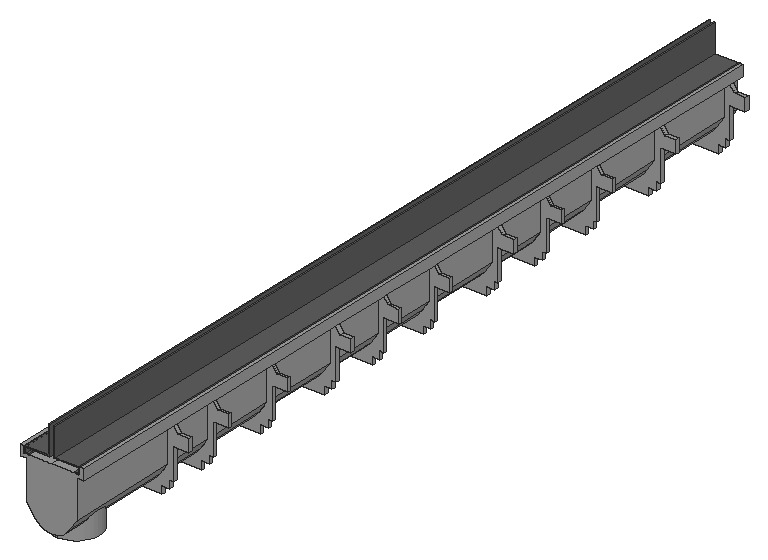
Revit family "Drain_Trench_Zurn-Z886-PVS", category Plumbing Fixtures, Revit 2022
Family settings
  Round Connector Dimension = Use Radius
  Part Type = Normal
  OmniClass Number = 23.70.50.21.24.14
  OmniClass Title = Deck Waste Water Drains
  Work Plane-Based = No
  Always vertical = Yes
  Cut with Voids When Loaded = No
  Maintain Annotation Orientation = No
  Shared = No
  Room Calculation Point = No
Parameters (values of type "Load Family Type Catalog")
  Waste Connection = 1 = 1  # yes
  WFU = 1  # constant formula
  Vent Connection = 1 = 0  # no
  URL = "http://www.zurn.com/"
  Type Comments = "Z886-PVS-8601 W/-E2 x 6.25x 6.85 With 2 Inch No-Hub End outlet"
  Shallow = 6.250"
  Product data url = "https://www.bimobject.com/zurnindustries/product/zurn-z886-pvs"
  Product Page URL = "https://www.zurn.com/products/drainage-interceptors/trench-drain-systems/linear-trench-drain/general-purpose-drainage-exterior/z886-pvs"
  Product Documentation Link = "https://files.zurn.com/spec-sheets/z886-pvs.pdf"
  Outlet Visiblity = no
  Outter Diameter = 4.500"
  Outlet Depth = 2.000"
  Modified Date = "03/26/26"  # constant formula
  Model = "Z886-PVS"
  Manufacturer = "Zurn Industries, LLC"  # constant formula
  Main Material = Polymer - Zurn - HDPE - Grey
  Inner Diameter = 4.026"
  HWFU = 0  # constant formula
  HW Connection = 1 = 0  # no
  Grate Material = Iron - Zurn - Cast - Ductile - Painted Black
  Flow = 93 GPM
  End Outlet = no
  End to Center of Bottom Outlet = Connector Radius + 1.000"  # 3.000"
  Description = "3/8 [10] WIDE REVEAL TRENCH DRAIN SYSTEM W/ PAVER SLOT GRATE"  # constant formula
  Default Elevation = 20.000"  # constant formula
  Deep = 6.850"
  Pipe Connection Shallow End = Connector Radius + 1.000"  # 3.000"
  Pipe Connection Deep End = Pipe Connection Shallow End  # 3.000"
  Date Created = "10/30/23"  # constant formula
  Connector Radius = Nominal  Diameter / 2  # 2.000"
  CWFU = 0  # constant formula
  CW Connection = 1 = 0  # no
  Outlet Bottom OD = 2.375"
  Nominal  Diameter = 4.000"
  Bottom Outlet = yes
  Assembly Code = "D2030300"
Reference planes (in)
  plane 1 "Center (Front/Back)": y = 18.92982
  plane 2 "main": z = -2.65
  plane 3 "Center (Left/Right)": x = 0
  plane 4 "Outlet": y = -21.69518
  plane 5 "Back": y = 59.55482
  plane 6 "Grate Left": x = -3.375
  plane 7 "Grate Right": x = 3.375
  plane 8 "Upper Bottom": z = -8.9
  plane 9 "Lower Bottom": z = -9.5
  plane 10 "Left": x = -4.875
  plane 11 "First Rib": y = 58.30482
  plane 12 "Right": x = 4.875
  plane 13 "Bottom": z = -10.15
  plane 14 "Last Rib": y = -10.63268
  plane 15 "Inlet": y = 59.55482
  plane 16: z = -5.9
  plane 17: y = 59.49232
  plane 18 "001": z = -6.5
  plane 19: y = -21.63268
  plane 20: y = -18.69518
  plane 21 "002": z = -8.5
  plane 22 "Slot Top": z = 0.1
  plane 23 "side 1": x = 0.3125
  plane 24 "side 2": x = 0.2185
  plane 25 "side 3": x = -0.2185
  plane 26 "side 4": x = -0.3125
  plane 27: x = 3.4375
  plane 28: x = 3.125
  plane 29: x = -3.125
  plane 30: y = -19.88268
  plane 31: y = -17.50768
  plane 32: x = -1.1875
  plane 33: x = 1.1875
  plane 34: x = 2.688
  plane 35: x = -2.688
  plane 36 "003": y = -23.19518
  plane 37: x = -2
  plane 38: x = 2
  plane 39: y = -20.22737
  plane 40: y = -18.22737
  plane 41: z = -9.7
  plane 42: z = -7.7
  plane 43: y = -23.19518
  plane 44: z = -4.5
  plane 45: z = -8.5
  plane 46: y = -16.69518
  plane 47: y = -20.69518
Forms (in)
  Blend 1, solid, material "Polymer - Zurn - HDPE - Grey" <- "Main Material", detail levels fine
    base sketch origin (0, 0, 0) x (1, 0, 0) y (0, 0, 1)
      loop
        line (-3.125, -2.65) -> (-3.125, -3.675) -> (-2.5, -3.675) -> (-2.5, -6.839) -> (-1.70063, -8.0043)
        arc (-1.70063, -8.0043) -> (-0.96104, -8.66239) -> (0, -8.9) r 2.0623
        arc (0, -8.9) -> (0.96104, -8.66239) -> (1.70063, -8.0043) r 2.0623
        line (1.70063, -8.0043) -> (2.5, -6.839) -> (2.5, -3.675) -> (3.125, -3.675) -> (3.125, -2.65) -> (2.75, -2.65) -> (2.75, -3.3013) -> (0, -3.3013) -> (-2.75, -3.3013) -> (-2.75, -2.65) -> (-3.125, -2.65)
    top sketch origin (0, 0, 0) x (1, 0, 0) y (0, 0, 1)
      loop
        line (0, -3.3013) -> (-2.75, -3.3013) -> (-2.75, -2.65) -> (-3.125, -2.65) -> (-3.125, -3.675) -> (-2.5, -3.675) -> (-2.5, -7.43866) -> (-1.68454, -8.62741)
        arc (-1.68454, -8.62741) -> (-0.94856, -9.26891) -> (0, -9.5) r 2.0623
        arc (0, -9.5) -> (0.94856, -9.26891) -> (1.68454, -8.62741) r 2.0623
        line (1.68454, -8.62741) -> (2.5, -7.43866) -> (2.5, -3.675) -> (3.125, -3.675) -> (3.125, -2.65) -> (2.75, -2.65) -> (2.75, -3.3013) -> (0, -3.3013)
    from -59.55482 to 21.69518
  Extrusion 2, void
    sketch origin (0, 0, 0) x (1, 0, 0) y (0, 0, 1)
      loop
        line (0, -10.15) -> (-2, -10.15) -> (-2, -9.4) -> (-2.75, -9.4) -> (-2.75, -8.65) -> (-3.125, -8.65) -> (-3.125, -5.55) -> (-4.625, -5.55) -> (-4.625, -4.3) -> (-3.56793, -4.3) -> (-3.125, -3.66743) -> (-3.125, -3.175) -> (-6.375, -3.175) -> (-6.375, -14.59275) -> (0, -14.59275) -> (8.125, -14.59275) -> (8.125, -3.175) -> (3.125, -3.175) -> (3.125, -3.679) -> (3.55983, -4.3) -> (4.625, -4.3) -> (4.625, -5.55) -> (3.125, -5.55) -> (3.125, -8.65) -> (2.75, -8.65) -> (2.75, -9.4) -> (2, -9.4) -> (2, -10.15) -> (0, -10.15)
    from -59.55482 to 21.69518
  Extrusion 3, solid, material "Polymer - Zurn - HDPE - Grey" <- "Main Material", detail levels fine
    sketch origin (0, 0, -2.65) x (1, 0, 0) y (0, 1, 0)
      loop
        line (-4.875, -10.63268) -> (4.875, -10.63268) -> (4.875, -10.25768) -> (-4.875, -10.25768) -> (-4.875, -10.63268)
      loop
        line (-4.875, -5.44518) -> (-4.875, -5.69518) -> (4.875, -5.69518) -> (4.875, -5.44518) -> (-4.875, -5.44518)
      loop
        line (-4.875, 1.80482) -> (-4.875, 1.55482) -> (4.875, 1.55482) -> (4.875, 1.80482) -> (-4.875, 1.80482)
      loop
        line (-4.875, 9.74232) -> (-4.875, 9.36732) -> (4.875, 9.36732) -> (4.875, 9.74232) -> (-4.875, 9.74232)
      loop
        line (-4.875, 15.55482) -> (-4.875, 15.30482) -> (4.875, 15.30482) -> (4.875, 15.55482) -> (-4.875, 15.55482)
      loop
        line (-4.875, 21.80482) -> (-4.875, 21.55482) -> (4.875, 21.55482) -> (4.875, 21.80482) -> (-4.875, 21.80482)
      loop
        line (-4.875, 29.74232) -> (-4.875, 29.36732) -> (4.875, 29.36732) -> (4.875, 29.74232) -> (-4.875, 29.74232)
      loop
        line (-4.875, 35.55482) -> (-4.875, 35.30482) -> (4.875, 35.30482) -> (4.875, 35.55482) -> (-4.875, 35.55482)
      loop
        line (-4.875, 41.80482) -> (-4.875, 41.55482) -> (4.875, 41.55482) -> (4.875, 41.80482) -> (-4.875, 41.80482)
      loop
        line (-4.875, 49.74232) -> (-4.875, 49.36732) -> (4.875, 49.36732) -> (4.875, 49.74232) -> (-4.875, 49.74232)
      loop
        line (-4.875, 58.30482) -> (-4.875, 57.92932) -> (4.875, 57.92932) -> (4.875, 58.30482) -> (-4.875, 58.30482)
    from -1.025 to -11.94275
  Extrusion 4, solid, material "Polymer - Zurn - HDPE - Grey" <- "Main Material", visible <- "Outlet Visiblity", detail levels fine
    sketch origin (0, 0, 0.1) x (1, 0, 0) y (0, 1, 0)
      loop
        circle (0, -18.69518) r 1.1875
    from -6.6 to -8.6
  Extrusion 5, solid, material "Iron - Zurn - Cast - Ductile - Painted Black" <- "Grate Material", detail levels fine
    sketch origin (0, -21.69518, 0) x (0, 0, 1) y (1, 0, 0)
      loop
        line (-2.728, 0.2185) -> (0.1, 0.2185) -> (0.1, 0.3125) -> (-2.65, 0.3125) -> (-2.65, 2.688) -> (-3.3013, 2.688) -> (-3.3013, 2.24607) -> (-3.2073, 2.24607) -> (-3.2073, 2.594) -> (-2.728, 2.594) -> (-2.728, 0.2185)
      loop
        line (-2.728, -0.2185) -> (-2.728, -2.59425) -> (-3.2073, -2.59425) -> (-3.2073, -2.24607) -> (-3.3013, -2.24607) -> (-3.3013, -2.688) -> (-2.65, -2.688) -> (-2.65, -0.3125) -> (0.1, -0.3125) -> (0.1, -0.2185) -> (-2.728, -0.2185)
    from 0 to 81.25
  Extrusion 6, solid, material "Polymer - Zurn - HDPE - Grey" <- "Main Material", visible <- "End Outlet", detail levels fine
    sketch origin (0, -21.69518, 0) x (0, 0, 1) y (1, 0, 0)
      loop
        circle (-6.5, 0) r 2.25
      loop
        circle (-6.5, 0) r 2.013
    from 0 to -1.5
  Extrusion 7, solid, material "Polymer - Zurn - HDPE - Grey" <- "Main Material", visible <- "Bottom Outlet", detail levels fine
    sketch origin (0, 0, -8.5) x (0, -1, 0) y (1, 0, 0)
      loop
        circle (18.69518, 0) r 2.25
      loop
        circle (18.69518, 0) r 2.013
    from 0.8 to -1.65
Cuts and joins
  Extrusion 2 cuts Extrusion 3
  joined: Blend 1, Extrusion 3
Lines and regions (in)
  Masking region 1
    outline origin (0, 0, 0.1) x (0, -1, 0) y (1, 0, 0)
      loop
        line (-59.55482, -3.125) -> (-58.30482, -3.125) -> (-58.30482, -3.56793) -> (-58.30482, -4.625) -> (-57.92932, -4.625) -> (-57.92932, -3.56793) -> (-57.92932, -3.1303) -> (-49.74232, -3.1303) -> (-49.74232, -3.56793) -> (-49.74232, -4.625) -> (-49.36732, -4.625) -> (-49.36732, -3.56793) -> (-49.36732, -3.1303) -> (-41.80482, -3.1303) -> (-41.80482, -3.56793) -> (-41.80482, -4.625) -> (-41.55482, -4.625) -> (-41.55482, -3.56793) -> (-41.55482, -3.1303) -> (-35.55482, -3.1303) -> (-35.55482, -3.56793) -> (-35.55482, -4.625) -> (-35.30482, -4.625) -> (-35.30482, -3.56793) -> (-35.30482, -3.1303) -> (-29.74232, -3.1303) -> (-29.74232, -3.56793) -> (-29.74232, -4.625) -> (-29.36732, -4.625) -> (-29.36732, -3.56793) -> (-29.36732, -3.1303) -> (-21.80482, -3.1303) -> (-21.80482, -3.56793) -> (-21.80482, -4.625) -> (-21.55482, -4.625) -> (-21.55482, -3.56793) -> (-21.55482, -3.1303) -> (-15.55482, -3.1303) -> (-15.55482, -3.56793) -> (-15.55482, -4.625) -> (-15.30482, -4.625) -> (-15.30482, -3.56793) -> (-15.30482, -3.1303) -> (-9.74232, -3.1303) -> (-9.74232, -3.56793) -> (-9.74232, -4.625) -> (-9.36732, -4.625) -> (-9.36732, -3.56793) -> (-9.36732, -3.1303) -> (-1.80482, -3.1303) -> (-1.80482, -3.56793) -> (-1.80482, -4.625) -> (-1.55482, -4.625) -> (-1.55482, -3.56793) -> (-1.55482, -3.1303) -> (5.44518, -3.1303) -> (5.44518, -3.56793) -> (5.44518, -4.625) -> (5.69518, -4.625) -> (5.69518, -3.56793) -> (5.69518, -3.1303) -> (10.25768, -3.1303) -> (10.25768, -3.56793) -> (10.25768, -4.625) -> (10.63268, -4.625) -> (10.63268, -3.56793) -> (10.63268, -3.125) -> (21.69518, -3.125) -> (21.69518, 3.12312) -> (10.63268, 3.12312) -> (10.63268, 3.55983) -> (10.63268, 4.625) -> (10.25768, 4.625) -> (10.25768, 3.55983) -> (10.25768, 3.12312) -> (5.69518, 3.12312) -> (5.69518, 3.55983) -> (5.69518, 4.625) -> (5.44518, 4.625) -> (5.44518, 3.55983) -> (5.44518, 3.12312) -> (-1.55482, 3.12312) -> (-1.55482, 3.55983) -> (-1.55482, 4.625) -> (-1.80482, 4.625) -> (-1.80482, 3.55983) -> (-1.80482, 3.12312) -> (-9.36732, 3.12312) -> (-9.36732, 3.55983) -> (-9.36732, 4.625) -> (-9.74232, 4.625) -> (-9.74232, 3.55983) -> (-9.74232, 3.12312) -> (-15.30482, 3.12312) -> (-15.30482, 3.55983) -> (-15.30482, 4.625) -> (-15.55482, 4.625) -> (-15.55482, 3.55983) -> (-15.55482, 3.12312) -> (-21.55482, 3.12312) -> (-21.55482, 3.55983) -> (-21.55482, 4.625) -> (-21.80482, 4.625) -> (-21.80482, 3.55983) -> (-21.80482, 3.12312) -> (-29.36732, 3.12312) -> (-29.36732, 3.55983) -> (-29.36732, 4.625) -> (-29.74232, 4.625) -> (-29.74232, 3.55983) -> (-29.74232, 3.12312) -> (-35.30482, 3.12312) -> (-35.30482, 3.55983) -> (-35.30482, 4.625) -> (-35.55482, 4.625) -> (-35.55482, 3.55983) -> (-35.55482, 3.12312) -> (-41.55482, 3.12312) -> (-41.55482, 3.55983) -> (-41.55482, 4.625) -> (-41.80482, 4.625) -> (-41.80482, 3.55983) -> (-41.80482, 3.12312) -> (-49.36732, 3.12312) -> (-49.36732, 3.55983) -> (-49.36732, 4.625) -> (-49.74232, 4.625) -> (-49.74232, 3.55983) -> (-49.74232, 3.12312) -> (-57.92932, 3.12312) -> (-57.92932, 3.55983) -> (-57.92932, 4.625) -> (-58.30482, 4.625) -> (-58.30482, 3.55983) -> (-58.30482, 3.125) -> (-59.55482, 3.125) -> (-59.55482, -3.125)
  Masking region 2, visible <- "End Outlet"
    outline origin (0, 0, 0.1) x (0, -1, 0) y (1, 0, 0)
      loop
        line (21.69518, -2.25) -> (23.19518, -2.25) -> (23.19518, 2.25) -> (21.69518, 2.25) -> (21.69518, -2.25)
  symbolic lines
    curve 1: line (-3.125, 59.55482, 0.1) -> (3.125, 59.55482, 0.1)
    curve 2: line (3.125, -21.69518, 0.1) -> (-3.125, -21.69518, 0.1)
  symbolic lines, detail levels fine
    curve 3: line (-2.65, -21.69518, 0.1) -> (-2.65, 59.55482, 0.1)
    curve 4: line (2.65, 59.55482, 0.1) -> (2.65, -21.69518, 0.1)
  symbolic lines, visible <- "Outlet Visiblity"
    curve 5: line (-0.3125, -19.88268, -10.15) -> (-0.3125, -19.88268, -8.5)
    curve 6: line (-0.3125, -19.88268, -8.5) -> (-0.3125, -17.50768, -8.5)
    curve 7: line (-0.3125, -17.50768, -8.5) -> (-0.3125, -17.50768, -10.15)
  model lines, detail levels coarse+medium
    curve 8: line (-2.688, 59.55482, -2.65) -> (2.688, 59.55482, -2.65)
    curve 9: line (-2.688, -21.69518, -2.65) -> (-2.688, 59.55482, -2.65)
    curve 10: line (2.688, -21.69518, -2.65) -> (-2.688, -21.69518, -2.65)
    curve 11: line (2.688, 59.55482, -2.65) -> (2.688, -21.69518, -2.65)
    curve 12: line (0, 59.55482, -8.5) -> (0, 59.55482, -2.65)
    curve 13: line (0, -21.69518, -8.5) -> (0, 59.55482, -8.5)
    curve 14: line (0, -21.69518, -2.65) -> (0, -21.69518, -8.5)
    curve 15: line (0, -21.69518, -2.65) -> (0, -21.69518, 0.1)
    curve 16: line (0, 59.55482, 0.1) -> (0, 59.55482, -2.65)
    curve 17: line (-0.3125, 59.55482, 0.1) -> (0.3125, 59.55482, 0.1)
    curve 18: line (-0.3125, -21.69518, 0.1) -> (-0.3125, 59.55482, 0.1)
    curve 19: line (0.3125, -21.69518, 0.1) -> (-0.3125, -21.69518, 0.1)
    curve 20: line (0.3125, 59.55482, 0.1) -> (0.3125, -21.69518, 0.1)
  model lines, visible <- "End Outlet", detail levels coarse+medium
    curve 21: line (0, -21.69518, -6.5) -> (0, -23.19518, -6.5)
  model lines, visible <- "Bottom Outlet", detail levels coarse+medium
    curve 22: line (0, -18.69518, -8.5) -> (0, -18.69518, -10.15)
    curve 23: line (0, -16.69518, -10.15) -> (0, -20.69518, -10.15)
    curve 24: line (-2, -18.69518, -10.15) -> (2, -18.69518, -10.15)
  model lines, visible <- "End Outlet"
    curve 25: line (0, -23.19518, -4.5) -> (0, -23.19518, -8.5)
    curve 26: line (-2, -23.19518, -6.5) -> (2, -23.19518, -6.5)
Dimensions and locks (in)
  equal spacing: plane 4 "Outlet", plane 1 "Center (Front/Back)", plane 5 "Back", locked at 40.625 each
  locked: plane 4 "Outlet" to plane 1 "Center (Front/Back)" at 40.625
  locked: plane 3 "Center (Left/Right)" to plane 6 "Grate Left" at 3.375
  equal spacing: plane 7 "Grate Right", plane 3 "Center (Left/Right)", plane 6 "Grate Left"
  locked: plane 3 "Center (Left/Right)" to Blend 1 sketch curve at 2.5  (x2)
  locked: Blend 1 sketch curve to plane 8 "Upper Bottom" at 2.061  (x2)
  locked: Blend 1 sketch curve to plane 8 "Upper Bottom" at 2.0623  (x2)
  locked: Blend 1 sketch curve to plane 8 "Upper Bottom" at 0.8957  (x2)
  locked: Blend 1 sketch curve to Blend 1 sketch curve at 0.3737
  locked: Blend 1 sketch curve to plane 3 "Center (Left/Right)"  (x2)
  locked: Blend 1 sketch curve to plane 9 "Lower Bottom" at 2.0623  (x2)
  locked: Blend 1 sketch curve to plane 9 "Lower Bottom" at 2.06134  (x2)
  locked: Blend 1 sketch curve to plane 9 "Lower Bottom" at 0.87259  (x2)
  plane 10 "Left" to plane 6 "Grate Left" = 1.500"
  locked: Extrusion 2 sketch curve to Extrusion 2 sketch curve at 0.75  (x4)
  locked: plane 5 "Back" to Extrusion 2
  locked: Extrusion 2 sketch curve to Extrusion 2 sketch curve at 1.25  (x2)
  locked: plane 9 "Lower Bottom" to Extrusion 2 sketch curve at 5.09275
  locked: plane 11 "First Rib" to plane 5 "Back" at 1.25
  Blend 1 sketch curve to plane 3 "Center (Left/Right)" to Blend 1 sketch curve = 2.500" locked, 2.500" locked
  locked: Blend 1 sketch curve to Blend 1 sketch curve at 5.5  (x2)
  equal spacing: Blend 1 sketch curve, plane 3 "Center (Left/Right)", Blend 1 sketch curve  (x2)
  locked: Blend 1 sketch curve to plane 6 "Grate Left" at 0.25  (x2)
  locked: plane 7 "Grate Right" to Blend 1 sketch curve at 0.25  (x2)
  Extrusion 2 sketch curve to Extrusion 2 sketch curve to Extrusion 2 sketch curve to Extrusion 2 sketch curve to Extrusion 2 sketch curve = 1.05707" locked, 0.44293" locked, 0.375" locked, 0.750" locked
  Extrusion 2 sketch curve to Extrusion 2 sketch curve to Extrusion 2 sketch curve to Extrusion 2 sketch curve to Extrusion 2 sketch curve = 0.750" locked, 0.375" locked, 0.43483" locked, 1.06517" locked
  locked: Extrusion 2 sketch curve to plane 6 "Grate Left" at 0.25
  locked: plane 7 "Grate Right" to Extrusion 2 sketch curve at 0.25
  Extrusion 2 sketch curve to plane 3 "Center (Left/Right)" to Extrusion 2 sketch curve = 6.375" locked, 8.125" locked
  equal spacing: Extrusion 3 sketch curve, plane 3 "Center (Left/Right)", Extrusion 3 sketch curve
  locked: Extrusion 3 sketch curve to plane 4 "Outlet" at 11.0625
  locked: Extrusion 3 sketch curve to plane 4 "Outlet" at 11.4375
  locked: Extrusion 3 sketch curve to plane 4 "Outlet" at 16
  locked: Extrusion 3 sketch curve to plane 4 "Outlet" at 16.25
  locked: Extrusion 3 sketch curve to plane 4 "Outlet" at 23.25
  locked: Extrusion 3 sketch curve to plane 4 "Outlet" at 23.5
  locked: Extrusion 3 sketch curve to plane 4 "Outlet" at 31.0625
  locked: Extrusion 3 sketch curve to plane 4 "Outlet" at 31.4375
  locked: Extrusion 3 sketch curve to plane 4 "Outlet" at 37
  locked: Extrusion 3 sketch curve to plane 4 "Outlet" at 37.25
  locked: Extrusion 3 sketch curve to plane 4 "Outlet" at 43.25
  locked: Extrusion 3 sketch curve to plane 4 "Outlet" at 43.5
  locked: Extrusion 3 sketch curve to plane 4 "Outlet" at 51.0625
  locked: Extrusion 3 sketch curve to plane 4 "Outlet" at 51.4375
  locked: Extrusion 3 sketch curve to plane 4 "Outlet" at 57
  locked: Extrusion 3 sketch curve to plane 4 "Outlet" at 57.25
  locked: Extrusion 3 sketch curve to plane 4 "Outlet" at 63.25
  locked: Extrusion 3 sketch curve to plane 4 "Outlet" at 63.5
  locked: Extrusion 3 sketch curve to plane 4 "Outlet" at 71.0625
  locked: Extrusion 3 sketch curve to plane 4 "Outlet" at 71.4375
  locked: Extrusion 3 sketch curve to plane 4 "Outlet" at 79.6245
  locked: Extrusion 3 sketch curve to plane 4 "Outlet" at 80
  locked: plane 8 "Upper Bottom" to cut or joined group of Blend 1, Extrusion 2, Extrusion 3 at 1.25
  locked: plane 8 "Upper Bottom" to Extrusion 2 sketch curve at 1.25
  locked: plane 12 "Right" to plane 3 "Center (Left/Right)" at 4.875
  locked: plane 8 "Upper Bottom" to plane 13 "Bottom" at 1.25
  locked: plane 1 "Center (Front/Back)" to plane 15 "Inlet" at 40.625
  "Pipe Connection Shallow End": plane 16 to plane 8 "Upper Bottom"
  locked: plane 15 "Inlet" to plane 17 at 0.0625
  locked: plane 19 to plane 4 "Outlet" at 0.0625
  "Pipe Connection Deep End": plane 18 "001" to plane 9 "Lower Bottom"
  "End to Center of Bottom Outlet": plane 20 to plane 4 "Outlet"
  "Outlet Depth": plane 18 "001" to plane 21 "002"
  locked: plane 25 "side 3" to plane 26 "side 4" at 0.094
  locked: plane 23 "side 1" to plane 24 "side 2" at 0.094
  plane 29 to plane 3 "Center (Left/Right)" to plane 28 = 3.125" locked, 3.125" locked
  equal spacing: plane 30, plane 20, plane 31
  "Outlet Bottom OD": plane 30 to plane 31
  equal spacing: plane 33, plane 3 "Center (Left/Right)", plane 32
  "Outlet Bottom OD": plane 33 to plane 32
  equal spacing: plane 34, plane 3 "Center (Left/Right)", plane 35
  locked: plane 34 to plane 35 at 5.376
  equal spacing: plane 24 "side 2", plane 3 "Center (Left/Right)", plane 25 "side 3", locked at 0.2185 each
  level to plane 2 "main" = 2.750"
  locked: plane 22 "Slot Top" to plane 2 "main" at 2.75
  "Deep": plane 2 "main" to plane 9 "Lower Bottom"
  "Shallow": plane 2 "main" to plane 8 "Upper Bottom"
  locked: plane 2 "main" to Blend 1 sketch curve at 1.025
  locked: plane 2 "main" to Blend 1 sketch curve at 0.6513
  locked: plane 2 "main" to Extrusion 2 sketch curve at 0.525
  locked: plane 2 "main" to cut or joined group of Blend 1, Extrusion 2, Extrusion 3 at 1.65
  locked: Extrusion 5 sketch curve to Extrusion 5 sketch curve at 0.09375
  locked: Extrusion 5 sketch curve to Extrusion 5 sketch curve at 0.078
  locked: Extrusion 5 sketch curve to Extrusion 5 sketch curve at 0.094  (x3)
  Extrusion 5 sketch curve to plane 3 "Center (Left/Right)" to Extrusion 5 sketch curve = 0.2185", 0.2185"
  Extrusion 5 sketch curve to Extrusion 5 sketch curve = 0.094"  (x2)
  equal spacing: Extrusion 5 sketch curve, plane 3 "Center (Left/Right)", Extrusion 5 sketch curve, locked at 2.24607 each
  locked: plane 4 "Outlet" to plane 36 "003" at 1.5
  equal spacing: Masking region 2 sketch curve, plane 3 "Center (Left/Right)", Masking region 2 sketch curve
  "Outter Diameter": Masking region 2 sketch curve to Masking region 2 sketch curve
  locked: Extrusion 6 to plane 4 "Outlet" at 1.5
  locked: plane 4 "Outlet" to plane 43 at 1.5
  equal spacing: plane 44, plane 18 "001", plane 45
  "Nominal  Diameter": plane 44 to plane 45
  equal spacing: plane 46, plane 20, plane 47
  "Nominal  Diameter": plane 46 to plane 47
  equal spacing: plane 37, plane 3 "Center (Left/Right)", plane 38
  "Nominal  Diameter": plane 37 to plane 38
  radius of Blend 1 sketch curve = 2.0623"  (x2)
  "Outlet Bottom OD": diameter of Extrusion 4 sketch curve
  "Outter Diameter": diameter of Extrusion 6 sketch curve
  "Inner Diameter": diameter of Extrusion 6 sketch curve
  "Outter Diameter": diameter of Extrusion 7 sketch curve
  "Inner Diameter": diameter of Extrusion 7 sketch curve
  locked: Extrusion 2 sketch curve to Extrusion 2 sketch curve (angle 145.00°)  (x2)
  aligned and locked: plane 3 "Center (Left/Right)" to Blend 1 sketch curve
  aligned and locked: plane 5 "Back" to Blend 1
  aligned and locked: Blend 1 to plane 4 "Outlet"
  aligned and locked: Extrusion 2 to plane 4 "Outlet"
  aligned and locked: Extrusion 3 sketch curve to plane 10 "Left"  (x10)
  aligned and locked: Extrusion 3 sketch curve to Extrusion 3 sketch curve  (x10)
  aligned and locked: plane 10 "Left" to Extrusion 3 sketch curve
  aligned and locked: Extrusion 3 to Extrusion 2
  aligned and locked: Extrusion 3 to Blend 1
  aligned and locked: Extrusion 2 sketch curve to Extrusion 2 sketch curve  (x2)
  aligned and locked: plane 14 "Last Rib" to cut or joined group of Blend 1, Extrusion 2, Extrusion 3
  aligned and locked: plane 20 to Extrusion 4 sketch curve
  aligned and locked: plane 3 "Center (Left/Right)" to Extrusion 4 sketch curve
  aligned and locked: plane 18 "001" to Extrusion 4
  aligned and locked: plane 21 "002" to Extrusion 4
  aligned and locked: plane 30 to curve 5
  aligned and locked: curve 7 to plane 31
  aligned and locked: plane 21 "002" to curve 6
  aligned and locked: plane 2 "main" to Blend 1 sketch curve  (x2)
  aligned and locked: Blend 1 sketch curve to plane 2 "main"  (x2)
  aligned and locked: Extrusion 5 sketch curve to plane 35
  aligned and locked: Extrusion 5 sketch curve to plane 34
  aligned and locked: Extrusion 5 sketch curve to Extrusion 5 sketch curve  (x2)
  aligned and locked: plane 2 "main" to Extrusion 5 sketch curve
  aligned and locked: Extrusion 5 sketch curve to cut or joined group of Blend 1, Extrusion 2, Extrusion 3
  aligned and locked: cut or joined group of Blend 1, Extrusion 2, Extrusion 3 to Extrusion 5 sketch curve
  aligned and locked: Extrusion 5 to plane 4 "Outlet"
  aligned and locked: plane 15 "Inlet" to Extrusion 5
  aligned and locked: plane 4 "Outlet" to curve 10
  aligned and locked: curve 11 to plane 34
  aligned and locked: curve 8 to plane 15 "Inlet"
  aligned and locked: plane 35 to curve 9
  aligned and locked: level to curve 15
  aligned and locked: plane 2 "main" to curve 15
  aligned and locked: curve 15 to plane 4 "Outlet"
  aligned and locked: plane 22 "Slot Top" to curve 16
  aligned and locked: plane 2 "main" to curve 16
  aligned and locked: curve 12 to plane 15 "Inlet"
  aligned and locked: plane 4 "Outlet" to curve 19
  aligned and locked: curve 20 to plane 23 "side 1"
  aligned and locked: plane 26 "side 4" to curve 18
  aligned and locked: curve 17 to plane 15 "Inlet"
  aligned and locked: Extrusion 5 sketch curve to level
  aligned and locked: level to Extrusion 5 sketch curve
  aligned and locked: Masking region 1 sketch curve to cut or joined group of Blend 1, Extrusion 2, Extrusion 3  (x112)
  aligned and locked: cut or joined group of Blend 1, Extrusion 2, Extrusion 3 to Masking region 1 sketch curve  (x11)
  aligned and locked: Masking region 1 sketch curve to Masking region 1 sketch curve
  aligned and locked: plane 3 "Center (Left/Right)" to Extrusion 6 sketch curve  (x2)
  aligned and locked: plane 18 "001" to Extrusion 6 sketch curve  (x2)
  aligned and locked: plane 36 "003" to Extrusion 6
  aligned and locked: plane 4 "Outlet" to Extrusion 6
  aligned and locked: plane 3 "Center (Left/Right)" to Extrusion 7 sketch curve  (x2)
  aligned and locked: plane 20 to Extrusion 7 sketch curve  (x2)
  aligned and locked: Extrusion 7 to plane 13 "Bottom"
  aligned and locked: plane 36 "003" to curve 21
  aligned and locked: plane 4 "Outlet" to curve 21
  aligned and locked: curve 21 to plane 18 "001"
  aligned and locked: plane 21 "002" to curve 22
  aligned and locked: plane 13 "Bottom" to curve 22
  aligned and locked: plane 20 to curve 22
  aligned and locked: curve 23 to plane 3 "Center (Left/Right)"
  aligned and locked: plane 37 to curve 24
  aligned and locked: plane 38 to curve 24
  aligned and locked: curve 24 to plane 20
  aligned and locked: curve 25 to plane 3 "Center (Left/Right)"
  aligned and locked: plane 37 to curve 26
  aligned and locked: plane 38 to curve 26
  aligned and locked: curve 26 to plane 18 "001"
  aligned and locked: Masking region 2 sketch curve to Extrusion 6
  aligned and locked: plane 43 to Masking region 2 sketch curve
  aligned and locked: plane 15 "Inlet" to curve 16
  aligned and locked: curve 13 to plane 21 "002"
  aligned and locked: level to curve 18
  aligned and locked: plane 2 "main" to curve 9
  aligned and locked: plane 44 to curve 25
  aligned and locked: plane 45 to curve 25
  aligned and locked: plane 47 to curve 23
  aligned and locked: plane 46 to curve 23
  aligned and locked: plane 42 to Extrusion 7
Automatic sketch dimensions
  Blend 1 sketch curve to plane 3 "Center (Left/Right)" = 0.000"  (x2)
  Blend 1 sketch curve to Blend 1 sketch curve = 0.3737"  (x2)
  Extrusion 2 sketch curve to plane 3 "Center (Left/Right)" = 0.000"  (x2)
  plane 6 "Grate Left" to Extrusion 2 sketch curve = 0.250"
  Extrusion 2 sketch curve to plane 7 "Grate Right" = 0.250"
  curve 7 to plane 13 "Bottom" = 0.000"
  curve 5 to plane 13 "Bottom" = 0.000"
  Blend 1 sketch curve to Blend 1 sketch curve = 1.025"
  Extrusion 2 sketch curve to Extrusion 2 sketch curve = 1.250"
  Extrusion 2 sketch curve to Extrusion 2 sketch curve = 2.375"
  curve 2 to plane 28 = 0.000"
  curve 2 to plane 4 "Outlet" = 0.000"
  Extrusion 5 sketch curve to Extrusion 5 sketch curve = 0.34818"
  curve 2 to plane 29 = 0.000"
  curve 1 to plane 5 "Back" = 0.000"
  curve 1 to plane 29 = 0.000"
  curve 1 to plane 28 = 0.000"
  Masking region 1 sketch curve to plane 5 "Back" = 0.000"
  Masking region 1 sketch curve to plane 29 = 0.000"
  Masking region 1 sketch curve to plane 6 "Grate Left" = 0.19293"  (x22)
  plane 29 to Masking region 1 sketch curve = 0.0053"  (x10)
  Masking region 1 sketch curve to plane 27 = 0.12233"  (x22)
  curve 3 to plane 5 "Back" = 0.000"
  curve 4 to plane 5 "Back" = 0.000"
  curve 4 to plane 4 "Outlet" = 0.000"
  curve 3 to plane 4 "Outlet" = 0.000"
  plane 35 to curve 3 = 0.038"
  curve 4 to plane 34 = 0.038"
Connectors (in)
  piping at (0, -23.19518, -6.5), diameter 4, driven by "Connector Radius", driven by "Waste Connection"
    settings: on Extrusion 6, index 1, connector inside diameter 24", connector length 0.000", flow factor 0, pipe flow 0 GPM, pressure drop 0.00 psi, fitting loss kfactor 0, connector angle 0.00°, fixture units 0, engagement length 0.000", angle of deflection 0.00°, flow configuration 0, flow direction 2, fitting loss method 0, system type 16, joint type 0, gender type 0, connector reference index -1, connector utility 1, adjustable connector no, is connector primary yes, connector description "Sanitary Outlet"
  piping at (0, -18.69518, -10.15), diameter 4, driven by "Connector Radius", driven by "Waste Connection"
    settings: on Extrusion 7, index 2, connector inside diameter 24", connector length 0.000", flow factor 0, pipe flow 0 GPM, pressure drop 0.00 psi, fitting loss kfactor 0, connector angle 0.00°, fixture units 0, engagement length 0.000", angle of deflection 0.00°, flow configuration 0, flow direction 2, fitting loss method 0, system type 16, joint type 0, gender type 0, connector reference index -1, connector utility 1, adjustable connector no, is connector primary no, connector description "Sanitary Outlet"
